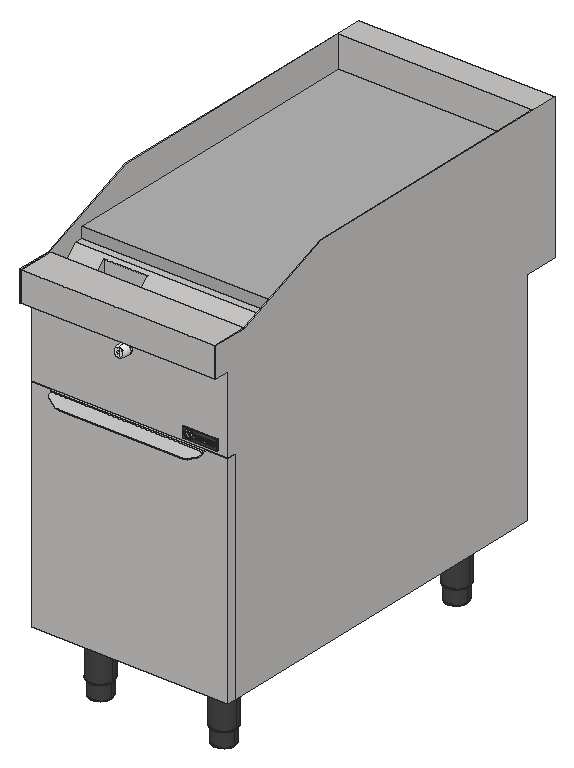
Revit family "QF_MACOM_CH91C-N_G", category Specialty Equipment, Revit 2020
Family settings
  Round Connector Dimension = Use Diameter
  Part Type = Normal
  OmniClass Number = 23.40.40.14.17.14
  OmniClass Title = Hot Plates
  Work Plane-Based = No
  Always vertical = Yes
  Cut with Voids When Loaded = No
  Shared = No
  Room Calculation Point = No
Parameters (values of type "CH91C-G")
  Watts = 100 W
  Volts = 220 V
  Show Logo [instance] = yes
  Plate Width = 445.000 mm
  Width = 450.000 mm
  Weight = 0.00 kg
  Volume = 0.43 m³
  URL = "https://www.acosmacom.com.br/"
  Phase = 1
  Model = "CH91C-G"
  Height = 985.000 mm
  Gas Size = 3/4"
  Gas Pressure = 0.0285 bar
  Gas Input GN = ""
  Gas Input GLP = 35710 Btu/h
  Gas Consumption GN = 0.0 m³/h
  Gas Consumption GLP = "0,75 Kg/h"
  Gas Connection Height = 212.000 mm
  Manufacturer = "MACOM"
  Default Elevation = 0.000 mm
  Electric Connection Height = 284.000 mm
  Description = "CHAPA A GAS GLP 900HP MACO-450X972X900"
  Plate Depth = 737.000 mm
  Depth = 972.000 mm
  Cycle = 60 Hz
  Capacity in Liters = 0.0 L
Types (3, lengths in mm): name | Plate Width | Model | Gas Pressure | Gas Input GN | Gas Input GLP | Gas Consumption GN | Gas Consumption GLP | Description
  (no name) | 445.000 | "CH91C-G" | 0.0285 bar | "" | 35710 Btu/h | 0.0 m³/h | "0,75 Kg/h" | "CHAPA A GAS GLP 900HP MACO-450X972X900"
  CH91C-N | 455.000 | "CH91C-N" | 0.022 bar | "9000 Kcal/h" | 0 Btu/h | 0.95 m³/h | "" | "CHAPA A GAS NATURAL 900HP MACO-450X972X900"
  CH91C-G | 445.000 | "CH91C-G" | 0.0285 bar | "" | 35710 Btu/h | 0.0 m³/h | "0,75 Kg/h" | "CHAPA A GAS GLP 900HP MACO-450X972X900"
Reference planes
  plane 1 "Centro (Frente/Trás)": y = 0
  plane 2: z = 0
  plane 3 "Centro (Esquerda/Direita)": x = 0
  plane 4: x = 450
  plane 5: y = -745
  plane 6: z = 832
  plane 7: z = 900
  plane 8: z = 0
  plane 9: z = 985
  plane 10: y = -572
  plane 11: x = 447.5
  plane 12: x = 2.5
  plane 13: y = -711
  plane 14: y = 227
  plane 15: y = 165
  plane 16: y = 147
  plane 17: y = 153.35
  plane 18: z = 655
Forms (mm)
  Extrusion 1, solid, material "QF_Stainless-Polished"
    sketch origin (0, 0, -7) x (0, 1, 0) y (0, 0, 1)
      loop
        line (147, 157) -> (147, 662) -> (227, 662) -> (227, 839) -> (-711, 839) -> (-711, 662) -> (-691, 662) -> (-691, 157) -> (147, 157)
    from 0 to 450
  Extrusion 2, solid, material "QF_Stainless-Polished"
    sketch origin (0, 0, -7) x (0, 1, 0) y (0, 0, 1)
      loop
        line (165, 839) -> (165, 992) -> (-442, 992) -> (-662.7, 907) -> (-745, 907) -> (-745, 839) -> (165, 839)
    from 0 to 2.5
  Extrusion 3, solid, material "QF_Stainless-Polished"
    sketch origin (357.5, 0, -7) x (0, 1, 0) y (0, 0, 1)
      loop
        line (165, 839) -> (165, 992) -> (-442, 992) -> (-662.7, 907) -> (-745, 907) -> (-745, 839) -> (165, 839)
    from 90 to 92.5
  Extrusion 4, solid, material "QF_Stainless-Polished"
    sketch origin (0, 0, -7) x (1, 0, 0) y (0, 0, 1)
      loop
        line (450, 839) -> (450, 992) -> (0, 992) -> (0, 839) -> (450, 839)
    from -227 to -165
  Extrusion 5, solid, material "QF_Metal_Steel", detail levels medium+fine
    sketch origin (0, 0, -7) x (1, 0, 0) y (0, 0, 1)
      loop
        line (2.5, 896) -> (447.5, 896) -> (447.5, 921) -> (2.5, 921) -> (2.5, 896)
    from -165 to 572
  Extrusion 6, solid, material "QF_Stainless-Polished"
    sketch origin (0, 0, -7) x (0, 1, 0) y (0, 0, 1)
      loop
        line (-745, 907) -> (-745, 839) -> (-661, 839) -> (-661, 907) -> (-745, 907)
    from 2.5 to 447.5
  Extrusion 7, solid, material "QF_Metal_Stainless Steel"
    sketch origin (0, 0, -7) x (0, 1, 0) y (0, 0, 1)
      loop
        line (-591, 896) -> (-649.8, 839) -> (-606.6, 839) -> (165, 839) -> (165, 896) -> (-591, 896)
    from 2.5 to 447.5
  Extrusion 8, solid, material "QF_Metal_Stainless Steel"
    sketch origin (0, 0, 0) x (1, 0, 0) y (0, 0, 1)
      loop
        circle (378, 212) r 9.525
    from -147 to -153.35
  Extrusion 9, solid, material "QF_Metal_Stainless Steel"
    sketch origin (0, 0, 0) x (1, 0, 0) y (0, 0, 1)
      loop
        circle (413.6, 284) r 9.525
    from -147 to -153.35
  Extrusion 10, void
    sketch origin (11.192, 0, 0) x (1, 0, 0) y (0, 1, 0)
      loop
        line (63.762, -597) -> (63.762, -643.5) -> (163.808, -643.5) -> (163.808, -597) -> (63.762, -597)
    from 895 to 832
Cuts and joins
  joined: Extrusion 1, Extrusion 2, Extrusion 3, Extrusion 4
  Extrusion 10 cuts Extrusion 7
Lines and regions (mm)
  symbolic lines
    curve 1: line (86.37, 0, 0) -> (450, 0, 0)
    curve 2: line (450, 0, 0) -> (450, -745, 0)
    curve 3: line (450, -745, 0) -> (86.37, -745, 0)
    curve 4: line (2.5, -62, 0) -> (447.5, -62, 0)
    curve 5: line (447.5, -62, 0) -> (447.5, -662.7, 0)
    curve 6: line (447.5, -662.7, 0) -> (450, -662.7, 0)
    curve 7: line (86.37, -662.7, 0) -> (2.5, -662.7, 0)
    curve 8: line (2.5, -662.7, 0) -> (2.5, -62, 0)
    curve 9: line (447.5, -591.194, 0) -> (2.5, -591.194, 0)
    curve 10: line (2.5, -599.8, 0) -> (447.5, -599.8, 0)
    curve 11: line (447.5, -649.8, 0) -> (2.5, -649.8, 0)
    curve 12: line (2.5, -661, 0) -> (447.5, -661, 0)
    curve 13: line (132.87, -643.5, 0) -> (86.37, -643.5, 0)
    curve 14: line (132.87, -597, 0) -> (132.87, -643.5, 0)
    curve 15: line (86.37, -597, 0) -> (132.87, -597, 0)
    curve 16: line (86.37, -643.5, 0) -> (86.37, -597, 0)
  model lines
    curve 17: line (26.904, 219.75, 985) -> (13.017, 179.419, 985)
    curve 18: line (35.844, 216.672, 985) -> (21.957, 176.341, 985)
    curve 19: arc (13.017, 179.419, 985) -> (15.948, 173.41, 985) -> (21.957, 176.341, 985) r 4.728
    curve 20: arc (26.904, 219.75, 985) -> (32.913, 222.681, 985) -> (35.844, 216.672, 985) r 4.728
    curve 21: line (41.904, 219.75, 985) -> (28.017, 179.419, 985)
    curve 22: line (50.844, 216.672, 985) -> (36.957, 176.341, 985)
    curve 23: arc (28.017, 179.419, 985) -> (30.948, 173.41, 985) -> (36.957, 176.341, 985) r 4.728
    curve 24: arc (41.904, 219.75, 985) -> (47.913, 222.681, 985) -> (50.844, 216.672, 985) r 4.728
    curve 25: line (56.904, 219.75, 985) -> (43.017, 179.419, 985)
    curve 26: line (65.844, 216.672, 985) -> (51.957, 176.341, 985)
    curve 27: arc (43.017, 179.419, 985) -> (45.948, 173.41, 985) -> (51.957, 176.341, 985) r 4.728
    curve 28: arc (56.904, 219.75, 985) -> (62.913, 222.681, 985) -> (65.844, 216.672, 985) r 4.728
    curve 29: line (71.904, 219.75, 985) -> (58.017, 179.419, 985)
    curve 30: line (80.844, 216.672, 985) -> (66.957, 176.341, 985)
    curve 31: arc (58.017, 179.419, 985) -> (60.948, 173.41, 985) -> (66.957, 176.341, 985) r 4.728
    curve 32: arc (71.904, 219.75, 985) -> (77.913, 222.681, 985) -> (80.844, 216.672, 985) r 4.728
    curve 33: line (86.904, 219.75, 985) -> (73.017, 179.419, 985)
    curve 34: line (95.844, 216.672, 985) -> (81.957, 176.341, 985)
    curve 35: arc (73.017, 179.419, 985) -> (75.948, 173.41, 985) -> (81.957, 176.341, 985) r 4.728
    curve 36: arc (86.904, 219.75, 985) -> (92.913, 222.681, 985) -> (95.844, 216.672, 985) r 4.728
    curve 37: line (101.904, 219.75, 985) -> (88.017, 179.419, 985)
    curve 38: line (110.844, 216.672, 985) -> (96.957, 176.341, 985)
    curve 39: arc (88.017, 179.419, 985) -> (90.948, 173.41, 985) -> (96.957, 176.341, 985) r 4.728
    curve 40: arc (101.904, 219.75, 985) -> (107.913, 222.681, 985) -> (110.844, 216.672, 985) r 4.728
    curve 41: line (116.904, 219.75, 985) -> (103.017, 179.419, 985)
    curve 42: line (125.844, 216.672, 985) -> (111.957, 176.341, 985)
    curve 43: arc (103.017, 179.419, 985) -> (105.948, 173.41, 985) -> (111.957, 176.341, 985) r 4.728
    curve 44: arc (116.904, 219.75, 985) -> (122.913, 222.681, 985) -> (125.844, 216.672, 985) r 4.728
    curve 45: line (131.904, 219.75, 985) -> (118.017, 179.419, 985)
    curve 46: line (140.844, 216.672, 985) -> (126.957, 176.341, 985)
    curve 47: arc (118.017, 179.419, 985) -> (120.948, 173.41, 985) -> (126.957, 176.341, 985) r 4.728
    curve 48: arc (131.904, 219.75, 985) -> (137.913, 222.681, 985) -> (140.844, 216.672, 985) r 4.728
    curve 49: line (146.904, 219.75, 985) -> (133.017, 179.419, 985)
    curve 50: line (155.844, 216.672, 985) -> (141.957, 176.341, 985)
    curve 51: arc (133.017, 179.419, 985) -> (135.948, 173.41, 985) -> (141.957, 176.341, 985) r 4.728
    curve 52: arc (146.904, 219.75, 985) -> (152.913, 222.681, 985) -> (155.844, 216.672, 985) r 4.728
    curve 53: line (161.904, 219.75, 985) -> (148.017, 179.419, 985)
    curve 54: line (170.844, 216.672, 985) -> (156.957, 176.341, 985)
    curve 55: arc (148.017, 179.419, 985) -> (150.948, 173.41, 985) -> (156.957, 176.341, 985) r 4.728
    curve 56: arc (161.904, 219.75, 985) -> (167.913, 222.681, 985) -> (170.844, 216.672, 985) r 4.728
    curve 57: line (176.904, 219.75, 985) -> (163.017, 179.419, 985)
    curve 58: line (185.844, 216.672, 985) -> (171.957, 176.341, 985)
    curve 59: arc (163.017, 179.419, 985) -> (165.948, 173.41, 985) -> (171.957, 176.341, 985) r 4.728
    curve 60: arc (176.904, 219.75, 985) -> (182.913, 222.681, 985) -> (185.844, 216.672, 985) r 4.728
    curve 61: line (191.904, 219.75, 985) -> (178.017, 179.419, 985)
    curve 62: line (200.844, 216.672, 985) -> (186.957, 176.341, 985)
    curve 63: arc (178.017, 179.419, 985) -> (180.948, 173.41, 985) -> (186.957, 176.341, 985) r 4.728
    curve 64: arc (191.904, 219.75, 985) -> (197.913, 222.681, 985) -> (200.844, 216.672, 985) r 4.728
    curve 65: line (206.904, 219.75, 985) -> (193.017, 179.419, 985)
    curve 66: line (215.844, 216.672, 985) -> (201.957, 176.341, 985)
    curve 67: arc (193.017, 179.419, 985) -> (195.948, 173.41, 985) -> (201.957, 176.341, 985) r 4.728
    curve 68: arc (206.904, 219.75, 985) -> (212.913, 222.681, 985) -> (215.844, 216.672, 985) r 4.728
    curve 69: line (221.904, 219.75, 985) -> (208.017, 179.419, 985)
    curve 70: line (230.844, 216.672, 985) -> (216.957, 176.341, 985)
    curve 71: arc (208.017, 179.419, 985) -> (210.948, 173.41, 985) -> (216.957, 176.341, 985) r 4.728
    curve 72: arc (221.904, 219.75, 985) -> (227.913, 222.681, 985) -> (230.844, 216.672, 985) r 4.728
    curve 73: line (236.904, 219.75, 985) -> (223.017, 179.419, 985)
    curve 74: line (245.844, 216.672, 985) -> (231.957, 176.341, 985)
    curve 75: arc (223.017, 179.419, 985) -> (225.948, 173.41, 985) -> (231.957, 176.341, 985) r 4.728
    curve 76: arc (236.904, 219.75, 985) -> (242.913, 222.681, 985) -> (245.844, 216.672, 985) r 4.728
    curve 77: line (251.904, 219.75, 985) -> (238.017, 179.419, 985)
    curve 78: line (260.844, 216.672, 985) -> (246.957, 176.341, 985)
    curve 79: arc (238.017, 179.419, 985) -> (240.948, 173.41, 985) -> (246.957, 176.341, 985) r 4.728
    curve 80: arc (251.904, 219.75, 985) -> (257.913, 222.681, 985) -> (260.844, 216.672, 985) r 4.728
    curve 81: line (266.904, 219.75, 985) -> (253.017, 179.419, 985)
    curve 82: line (275.844, 216.672, 985) -> (261.957, 176.341, 985)
    curve 83: arc (253.017, 179.419, 985) -> (255.948, 173.41, 985) -> (261.957, 176.341, 985) r 4.728
    curve 84: arc (266.904, 219.75, 985) -> (272.913, 222.681, 985) -> (275.844, 216.672, 985) r 4.728
    curve 85: line (281.904, 219.75, 985) -> (268.017, 179.419, 985)
    curve 86: line (290.844, 216.672, 985) -> (276.957, 176.341, 985)
    curve 87: arc (268.017, 179.419, 985) -> (270.948, 173.41, 985) -> (276.957, 176.341, 985) r 4.728
    curve 88: arc (281.904, 219.75, 985) -> (287.913, 222.681, 985) -> (290.844, 216.672, 985) r 4.728
    curve 89: line (296.904, 219.75, 985) -> (283.017, 179.419, 985)
    curve 90: line (305.844, 216.672, 985) -> (291.957, 176.341, 985)
    curve 91: arc (283.017, 179.419, 985) -> (285.948, 173.41, 985) -> (291.957, 176.341, 985) r 4.728
    curve 92: arc (296.904, 219.75, 985) -> (302.913, 222.681, 985) -> (305.844, 216.672, 985) r 4.728
    curve 93: line (311.904, 219.75, 985) -> (298.017, 179.419, 985)
    curve 94: line (320.844, 216.672, 985) -> (306.957, 176.341, 985)
    curve 95: arc (298.017, 179.419, 985) -> (300.948, 173.41, 985) -> (306.957, 176.341, 985) r 4.728
    curve 96: arc (311.904, 219.75, 985) -> (317.913, 222.681, 985) -> (320.844, 216.672, 985) r 4.728
    curve 97: line (326.904, 219.75, 985) -> (313.017, 179.419, 985)
    curve 98: line (335.844, 216.672, 985) -> (321.957, 176.341, 985)
    curve 99: arc (313.017, 179.419, 985) -> (315.948, 173.41, 985) -> (321.957, 176.341, 985) r 4.728
    curve 100: arc (326.904, 219.75, 985) -> (332.913, 222.681, 985) -> (335.844, 216.672, 985) r 4.728
    curve 101: line (341.904, 219.75, 985) -> (328.017, 179.419, 985)
    curve 102: line (350.844, 216.672, 985) -> (336.957, 176.341, 985)
    curve 103: arc (328.017, 179.419, 985) -> (330.948, 173.41, 985) -> (336.957, 176.341, 985) r 4.728
    curve 104: arc (341.904, 219.75, 985) -> (347.913, 222.681, 985) -> (350.844, 216.672, 985) r 4.728
    curve 105: line (356.904, 219.75, 985) -> (343.017, 179.419, 985)
    curve 106: line (365.844, 216.672, 985) -> (351.957, 176.341, 985)
    curve 107: arc (343.017, 179.419, 985) -> (345.948, 173.41, 985) -> (351.957, 176.341, 985) r 4.728
    curve 108: arc (356.904, 219.75, 985) -> (362.913, 222.681, 985) -> (365.844, 216.672, 985) r 4.728
    curve 109: line (371.904, 219.75, 985) -> (358.017, 179.419, 985)
    curve 110: line (380.844, 216.672, 985) -> (366.957, 176.341, 985)
    curve 111: arc (358.017, 179.419, 985) -> (360.948, 173.41, 985) -> (366.957, 176.341, 985) r 4.728
    curve 112: arc (371.904, 219.75, 985) -> (377.913, 222.681, 985) -> (380.844, 216.672, 985) r 4.728
    curve 113: line (386.904, 219.75, 985) -> (373.017, 179.419, 985)
    curve 114: line (395.844, 216.672, 985) -> (381.957, 176.341, 985)
    curve 115: arc (373.017, 179.419, 985) -> (375.948, 173.41, 985) -> (381.957, 176.341, 985) r 4.728
    curve 116: arc (386.904, 219.75, 985) -> (392.913, 222.681, 985) -> (395.844, 216.672, 985) r 4.728
    curve 117: line (401.904, 219.75, 985) -> (388.017, 179.419, 985)
    curve 118: line (410.844, 216.672, 985) -> (396.957, 176.341, 985)
    curve 119: arc (388.017, 179.419, 985) -> (390.948, 173.41, 985) -> (396.957, 176.341, 985) r 4.728
    curve 120: arc (401.904, 219.75, 985) -> (407.913, 222.681, 985) -> (410.844, 216.672, 985) r 4.728
    curve 121: line (416.904, 219.75, 985) -> (403.017, 179.419, 985)
    curve 122: line (425.844, 216.672, 985) -> (411.957, 176.341, 985)
    curve 123: arc (403.017, 179.419, 985) -> (405.948, 173.41, 985) -> (411.957, 176.341, 985) r 4.728
    curve 124: arc (416.904, 219.75, 985) -> (422.913, 222.681, 985) -> (425.844, 216.672, 985) r 4.728
    curve 125: line (431.904, 219.75, 985) -> (418.017, 179.419, 985)
    curve 126: line (440.844, 216.672, 985) -> (426.957, 176.341, 985)
    curve 127: arc (418.017, 179.419, 985) -> (420.948, 173.41, 985) -> (426.957, 176.341, 985) r 4.728
    curve 128: arc (431.904, 219.75, 985) -> (437.913, 222.681, 985) -> (440.844, 216.672, 985) r 4.728
Dimensions and locks
  "Depth": plane 5 to plane 14
  locked: plane 15 to plane 14 at 62
  "Height": level to plane 9
  "Width": plane 3 "Centro (Esquerda/Direita)" to plane 4
  plane 5 to nested 5 = 100.000 mm
  plane 14 to plane 5 = 972.000 mm
  locked: Extrusion 5 to cut or joined group of Extrusion 1, Extrusion 2, Extrusion 3, Extrusion 4 at 737
  locked: Extrusion 5 to Extrusion 7 at 25
  cut or joined group of Extrusion 1, Extrusion 2, Extrusion 3, Extrusion 4 to cut or joined group of Extrusion 1, Extrusion 2, Extrusion 3, Extrusion 4 = 445.000 mm
  locked: plane 11 to plane 4 at 2.5
  equal spacing: group 1, group 2, group 3, group 4, group 5, group 6, group 7, group 8, group 9, group 10, group 11, group 12, group 13, group 14, group 15, group 16, group 17, group 18, group 19, group 20, group 21, group 22, group 23, group 24, group 25, group 26, group 27, group 28  (x3)
  locked: plane 4 to Extrusion 9 sketch curve at 36.4
  "Electric Connection Height": level to Extrusion 9 sketch curve
  locked: plane 4 to Extrusion 8 sketch curve at 72
  "Gas Connection Height": level to Extrusion 8 sketch curve
  level to plane 18 to plane 7 = 655.000 mm, 245.000 mm
  aligned and locked: level to plane 2
  aligned and locked: Extrusion 2 to Extrusion 6
  aligned and locked: Extrusion 2 to Extrusion 3
  aligned and locked: Extrusion 1 to Extrusion 2
  aligned and locked: Extrusion 3 to Extrusion 2
  aligned and locked: Extrusion 4 to plane 15
  aligned and locked: plane 15 to Extrusion 3
  aligned and locked: plane 15 to Extrusion 2
  aligned and locked: plane 15 to Extrusion 5
  aligned and locked: Extrusion 6 to plane 11
  aligned and locked: Extrusion 5 to plane 12
  aligned and locked: Extrusion 7 to plane 11
  aligned and locked: Extrusion 7 to Extrusion 2
  aligned and locked: Extrusion 4 to plane 3 "Centro (Esquerda/Direita)"
  aligned and locked: Extrusion 1 to Extrusion 4  (x2)
  aligned and locked: Extrusion 1 to plane 16
  aligned and locked: nested 3 to Extrusion 1  (x2)
  aligned and locked: Extrusion 1 to nested 1
  aligned and locked: Extrusion 1 to Extrusion 3
  aligned and locked: plane 14 to Extrusion 1
  aligned and locked: Extrusion 4 to Extrusion 3
  aligned and locked: Extrusion 7 to Extrusion 5
  aligned and locked: plane 17 to Extrusion 8
  aligned and locked: plane 16 to Extrusion 8
  aligned and locked: plane 17 to Extrusion 9
  aligned and locked: Extrusion 9 to cut or joined group of Extrusion 1, Extrusion 2, Extrusion 3, Extrusion 4
  aligned and locked: plane 4 to cut or joined group of Extrusion 1, Extrusion 2, Extrusion 3, Extrusion 4  (x2)
  aligned and locked: cut or joined group of Extrusion 1, Extrusion 2, Extrusion 3, Extrusion 4 to plane 11
Automatic sketch dimensions
  plane 6 to Extrusion 1 sketch curve = 0.000 mm
  Extrusion 1 sketch curve to plane 13 = 0.000 mm
  Extrusion 1 sketch curve to plane 16 = 0.000 mm
  Extrusion 1 sketch curve to plane 14 = 0.000 mm
  plane 13 to Extrusion 1 sketch curve = 20.000 mm
  plane 6 to Extrusion 1 sketch curve = 177.000 mm  (x2)
  level to Extrusion 1 sketch curve = 150.000 mm
  Extrusion 2 sketch curve to plane 5 = 0.000 mm
  plane 7 to Extrusion 2 sketch curve = 0.000 mm  (x2)
  plane 9 to Extrusion 2 sketch curve = 0.000 mm
  plane 6 to Extrusion 2 sketch curve = 0.000 mm
  Extrusion 2 sketch curve to plane 15 = 0.000 mm
  plane 13 to Extrusion 2 sketch curve = 48.300 mm
  plane 10 to Extrusion 2 sketch curve = 130.000 mm
  Extrusion 3 sketch curve to plane 5 = 0.000 mm
  plane 7 to Extrusion 3 sketch curve = 0.000 mm  (x2)
  plane 9 to Extrusion 3 sketch curve = 0.000 mm
  plane 6 to Extrusion 3 sketch curve = 0.000 mm
  Extrusion 3 sketch curve to plane 15 = 0.000 mm
  plane 13 to Extrusion 3 sketch curve = 48.300 mm
  plane 10 to Extrusion 3 sketch curve = 130.000 mm
  Extrusion 4 sketch curve to plane 3 "Centro (Esquerda/Direita)" = 0.000 mm
  Extrusion 4 sketch curve to plane 4 = 0.000 mm
  Extrusion 4 sketch curve to plane 6 = 0.000 mm
  Extrusion 4 sketch curve to plane 9 = 0.000 mm
  Extrusion 5 sketch curve to plane 12 = 0.000 mm
  plane 11 to Extrusion 5 sketch curve = 0.000 mm
  plane 7 to Extrusion 5 sketch curve = 11.000 mm
  Extrusion 5 sketch curve to plane 7 = 14.000 mm
  Extrusion 6 sketch curve to plane 5 = 0.000 mm
  plane 6 to Extrusion 6 sketch curve = 0.000 mm
  plane 7 to Extrusion 6 sketch curve = 0.000 mm
  plane 13 to Extrusion 6 sketch curve = 50.000 mm
  plane 6 to Extrusion 7 sketch curve = 0.000 mm
  Extrusion 7 sketch curve to plane 15 = 0.000 mm
  Extrusion 7 sketch curve to plane 10 = 19.000 mm
  Extrusion 7 sketch curve to plane 10 = 34.600 mm
  Extrusion 7 sketch curve to Extrusion 7 sketch curve = 43.200 mm
  plane 7 to Extrusion 7 sketch curve = 11.000 mm
  plane 12 to Extrusion 10 sketch curve = 72.454 mm
  Extrusion 10 sketch curve to Extrusion 10 sketch curve = 100.046 mm
  plane 13 to Extrusion 10 sketch curve = 67.500 mm
  Extrusion 10 sketch curve to plane 10 = 25.000 mm
  curve 11 to plane 12 = 0.000 mm
  plane 5 to curve 3 = 0.000 mm
  plane 1 "Centro (Frente/Trás)" to curve 1 = 0.000 mm
  curve 12 to plane 11 = 0.000 mm
  curve 2 to plane 4 = 0.000 mm
  plane 12 to curve 16 = 83.870 mm
  curve 15 to curve 14 = 46.500 mm
  plane 13 to curve 8 = 48.300 mm
  plane 13 to curve 5 = 48.300 mm
  curve 7 to curve 16 = 19.200 mm
  curve 15 to plane 10 = 25.000 mm
  plane 1 "Centro (Frente/Trás)" to curve 8 = 62.000 mm
  plane 12 to curve 3 = 83.870 mm
  curve 7 to curve 13 = 0.000 mm
  plane 12 to curve 1 = 83.870 mm
  curve 5 to curve 12 = 1.700 mm
  curve 12 to curve 11 = 11.200 mm
  curve 10 to plane 10 = 27.800 mm
  curve 10 to curve 9 = 8.606 mm
  curve 19 to curve 19 = 4.470 mm
  curve 19 to curve 18 = 4.470 mm
  curve 19 to curve 17 = 13.887 mm
  curve 20 to curve 20 = 4.470 mm
  curve 20 to curve 18 = 4.470 mm
  curve 18 to curve 19 = 1.539 mm
  curve 19 to curve 18 = 40.331 mm
  curve 18 to curve 20 = 1.539 mm
  curve 23 to curve 23 = 4.470 mm
  curve 23 to curve 22 = 4.470 mm
  curve 23 to curve 21 = 13.887 mm
  curve 24 to curve 24 = 4.470 mm
  curve 24 to curve 22 = 4.470 mm
  curve 22 to curve 23 = 1.539 mm
  curve 23 to curve 22 = 40.331 mm
  curve 22 to curve 24 = 1.539 mm
  curve 27 to curve 27 = 4.470 mm
  curve 27 to curve 26 = 4.470 mm
  curve 27 to curve 25 = 13.887 mm
  curve 28 to curve 28 = 4.470 mm
  curve 28 to curve 26 = 4.470 mm
  curve 26 to curve 27 = 1.539 mm
  curve 27 to curve 26 = 40.331 mm
  curve 26 to curve 28 = 1.539 mm
  curve 31 to curve 31 = 4.470 mm
  curve 31 to curve 30 = 4.470 mm
  curve 31 to curve 29 = 13.887 mm
  curve 32 to curve 32 = 4.470 mm
  curve 32 to curve 30 = 4.470 mm
  curve 30 to curve 31 = 1.539 mm
  curve 31 to curve 30 = 40.331 mm
  curve 30 to curve 32 = 1.539 mm
  curve 35 to curve 35 = 4.470 mm
  curve 35 to curve 34 = 4.470 mm
  curve 35 to curve 33 = 13.887 mm
  curve 36 to curve 36 = 4.470 mm
  curve 36 to curve 34 = 4.470 mm
  curve 34 to curve 35 = 1.539 mm
  curve 35 to curve 34 = 40.331 mm
  curve 34 to curve 36 = 1.539 mm
  curve 39 to curve 39 = 4.470 mm
  curve 39 to curve 38 = 4.470 mm
  curve 39 to curve 37 = 13.887 mm
  curve 40 to curve 40 = 4.470 mm
  curve 40 to curve 38 = 4.470 mm
  curve 38 to curve 39 = 1.539 mm
  curve 39 to curve 38 = 40.331 mm
  curve 38 to curve 40 = 1.539 mm
  curve 43 to curve 43 = 4.470 mm
  curve 43 to curve 42 = 4.470 mm
  curve 43 to curve 41 = 13.887 mm
  curve 44 to curve 44 = 4.470 mm
  curve 44 to curve 42 = 4.470 mm
  curve 42 to curve 43 = 1.539 mm
  curve 43 to curve 42 = 40.331 mm
  curve 42 to curve 44 = 1.539 mm
  curve 47 to curve 47 = 4.470 mm
  curve 47 to curve 46 = 4.470 mm
  curve 47 to curve 45 = 13.887 mm
  curve 48 to curve 48 = 4.470 mm
  curve 48 to curve 46 = 4.470 mm
  curve 46 to curve 47 = 1.539 mm
  curve 47 to curve 46 = 40.331 mm
  curve 46 to curve 48 = 1.539 mm
  curve 51 to curve 51 = 4.470 mm
  curve 51 to curve 50 = 4.470 mm
  curve 51 to curve 49 = 13.887 mm
  curve 52 to curve 52 = 4.470 mm
  curve 52 to curve 50 = 4.470 mm
  curve 50 to curve 51 = 1.539 mm
  curve 51 to curve 50 = 40.331 mm
  curve 50 to curve 52 = 1.539 mm
  curve 55 to curve 55 = 4.470 mm
  curve 55 to curve 54 = 4.470 mm
  curve 55 to curve 53 = 13.887 mm
  curve 56 to curve 56 = 4.470 mm
  curve 56 to curve 54 = 4.470 mm
  curve 54 to curve 55 = 1.539 mm
  curve 55 to curve 54 = 40.331 mm
  curve 54 to curve 56 = 1.539 mm
  curve 59 to curve 59 = 4.470 mm
  curve 59 to curve 58 = 4.470 mm
  curve 59 to curve 57 = 13.887 mm
  curve 60 to curve 60 = 4.470 mm
  curve 60 to curve 58 = 4.470 mm
  curve 58 to curve 59 = 1.539 mm
  curve 59 to curve 58 = 40.331 mm
  curve 58 to curve 60 = 1.539 mm
  curve 63 to curve 63 = 4.470 mm
  curve 63 to curve 62 = 4.470 mm
  curve 63 to curve 61 = 13.887 mm
  curve 64 to curve 64 = 4.470 mm
  curve 64 to curve 62 = 4.470 mm
  curve 62 to curve 63 = 1.539 mm
  curve 63 to curve 62 = 40.331 mm
  curve 62 to curve 64 = 1.539 mm
  curve 67 to curve 67 = 4.470 mm
  curve 67 to curve 66 = 4.470 mm
  curve 67 to curve 65 = 13.887 mm
  curve 68 to curve 68 = 4.470 mm
  curve 68 to curve 66 = 4.470 mm
  curve 66 to curve 67 = 1.539 mm
  curve 67 to curve 66 = 40.331 mm
  curve 66 to curve 68 = 1.539 mm
  curve 71 to curve 71 = 4.470 mm
  curve 71 to curve 70 = 4.470 mm
  curve 71 to curve 69 = 13.887 mm
  curve 72 to curve 72 = 4.470 mm
  curve 72 to curve 70 = 4.470 mm
  curve 70 to curve 71 = 1.539 mm
  curve 71 to curve 70 = 40.331 mm
  curve 70 to curve 72 = 1.539 mm
  curve 75 to curve 75 = 4.470 mm
  curve 75 to curve 74 = 4.470 mm
  curve 75 to curve 73 = 13.887 mm
  curve 76 to curve 76 = 4.470 mm
  curve 76 to curve 74 = 4.470 mm
  curve 74 to curve 75 = 1.539 mm
  curve 75 to curve 74 = 40.331 mm
  curve 74 to curve 76 = 1.539 mm
  curve 79 to curve 79 = 4.470 mm
  curve 79 to curve 78 = 4.470 mm
  curve 79 to curve 77 = 13.887 mm
  curve 80 to curve 80 = 4.470 mm
  curve 80 to curve 78 = 4.470 mm
  curve 78 to curve 79 = 1.539 mm
  curve 79 to curve 78 = 40.331 mm
  curve 78 to curve 80 = 1.539 mm
  curve 83 to curve 83 = 4.470 mm
  curve 83 to curve 82 = 4.470 mm
  curve 83 to curve 81 = 13.887 mm
  curve 84 to curve 84 = 4.470 mm
  curve 84 to curve 82 = 4.470 mm
  curve 82 to curve 83 = 1.539 mm
  curve 83 to curve 82 = 40.331 mm
  curve 82 to curve 84 = 1.539 mm
  curve 87 to curve 87 = 4.470 mm
  curve 87 to curve 86 = 4.470 mm
  curve 87 to curve 85 = 13.887 mm
  curve 88 to curve 88 = 4.470 mm
  curve 88 to curve 86 = 4.470 mm
  curve 86 to curve 87 = 1.539 mm
  curve 87 to curve 86 = 40.331 mm
  curve 86 to curve 88 = 1.539 mm
  curve 91 to curve 91 = 4.470 mm
  curve 91 to curve 90 = 4.470 mm
  curve 91 to curve 89 = 13.887 mm
  curve 92 to curve 92 = 4.470 mm
  curve 92 to curve 90 = 4.470 mm
  curve 90 to curve 91 = 1.539 mm
  curve 91 to curve 90 = 40.331 mm
  curve 90 to curve 92 = 1.539 mm
  curve 95 to curve 95 = 4.470 mm
  curve 95 to curve 94 = 4.470 mm
  curve 95 to curve 93 = 13.887 mm
  curve 96 to curve 96 = 4.470 mm
  curve 96 to curve 94 = 4.470 mm
  curve 94 to curve 95 = 1.539 mm
  curve 95 to curve 94 = 40.331 mm
  curve 94 to curve 96 = 1.539 mm
  curve 99 to curve 99 = 4.470 mm
  curve 99 to curve 98 = 4.470 mm
  curve 99 to curve 97 = 13.887 mm
  curve 100 to curve 100 = 4.470 mm
  curve 100 to curve 98 = 4.470 mm
  curve 98 to curve 99 = 1.539 mm
  curve 99 to curve 98 = 40.331 mm
  curve 98 to curve 100 = 1.539 mm
  curve 103 to curve 103 = 4.470 mm
  curve 103 to curve 102 = 4.470 mm
  curve 103 to curve 101 = 13.887 mm
  curve 104 to curve 104 = 4.470 mm
  curve 104 to curve 102 = 4.470 mm
  curve 102 to curve 103 = 1.539 mm
  curve 103 to curve 102 = 40.331 mm
  curve 102 to curve 104 = 1.539 mm
  curve 107 to curve 107 = 4.470 mm
  curve 107 to curve 106 = 4.470 mm
  curve 107 to curve 105 = 13.887 mm
  curve 108 to curve 108 = 4.470 mm
  curve 108 to curve 106 = 4.470 mm
  curve 106 to curve 107 = 1.539 mm
  curve 107 to curve 106 = 40.331 mm
  curve 106 to curve 108 = 1.539 mm
  curve 111 to curve 111 = 4.470 mm
  curve 111 to curve 110 = 4.470 mm
  curve 111 to curve 109 = 13.887 mm
  curve 112 to curve 112 = 4.470 mm
  curve 112 to curve 110 = 4.470 mm
  curve 110 to curve 111 = 1.539 mm
  curve 111 to curve 110 = 40.331 mm
  curve 110 to curve 112 = 1.539 mm
  curve 115 to curve 115 = 4.470 mm
  curve 115 to curve 114 = 4.470 mm
  curve 115 to curve 113 = 13.887 mm
  curve 116 to curve 116 = 4.470 mm
  curve 116 to curve 114 = 4.470 mm
  curve 114 to curve 115 = 1.539 mm
  curve 115 to curve 114 = 40.331 mm
  curve 114 to curve 116 = 1.539 mm
  curve 119 to curve 119 = 4.470 mm
  curve 119 to curve 118 = 4.470 mm
  curve 119 to curve 117 = 13.887 mm
  curve 120 to curve 120 = 4.470 mm
  curve 120 to curve 118 = 4.470 mm
  curve 118 to curve 119 = 1.539 mm
  curve 119 to curve 118 = 40.331 mm
  curve 118 to curve 120 = 1.539 mm
  curve 123 to curve 123 = 4.470 mm
  curve 123 to curve 122 = 4.470 mm
  curve 123 to curve 121 = 13.887 mm
  curve 124 to curve 124 = 4.470 mm
  curve 124 to curve 122 = 4.470 mm
  curve 122 to curve 123 = 1.539 mm
  curve 123 to curve 122 = 40.331 mm
  curve 122 to curve 124 = 1.539 mm
  curve 127 to curve 127 = 4.470 mm
  curve 127 to curve 126 = 4.470 mm
  curve 127 to curve 125 = 13.887 mm
  curve 128 to curve 128 = 4.470 mm
  curve 128 to curve 126 = 4.470 mm
  curve 126 to curve 127 = 1.539 mm
  curve 127 to curve 126 = 40.331 mm
  curve 126 to curve 128 = 1.539 mm
  radius of Extrusion 8 sketch curve = 9.525 mm
  radius of Extrusion 9 sketch curve = 9.525 mm
Nested families
  nested 1: "SUPORTEACENDIMENTOGLP" at (217.5, -711, 800), type "SUPORTEACENDIMENTOGLP", detail levels medium+fine
  nested 2: "LOGOTIPO MACOM" at (387.5, -711, 660.939), visible <- "Show Logo", type "LOGOTIPO MACOM"
  nested 3: "PORTA 450" at (0, -691, 150), type "PORTA 450"
    with Weight 0.00 kg, Show Logo yes, Show Clearances yes, Right no, R_Swing no, Masterspec "", Length Actual 450.000 mm, Left yes, L_Swing yes, Identify Quantity as Lot yes, Height Actual 503.000 mm, Foodservice Equipment Identifier yes, Depth Actual 20.000 mm, CSI MasterFormat "", Accessory yes
  nested 4: "PÉ DE APOIO 150" at (85, -620, 0), type "pÉ DE APOIO 150"
  nested 5: "PÉ DE APOIO 150" at (365, -616, 0), type "pÉ DE APOIO 150"
  nested 6: "PÉ DE APOIO 150" at (365, 52, 0), type "pÉ DE APOIO 150"
  nested 7: "PÉ DE APOIO 150" at (85, 52, 0), type "pÉ DE APOIO 150"
Connectors
  electrical at (413.6, 147, 284), driven by "Volts"
    settings: on Extrusion 9, index 1, voltage 220 V, apparent load 0 VA, apparent load phase1 0 VA, apparent load phase2 0 VA, apparent load phase3 0 VA, power factor 1, load classification "Outro", number of poles 1, system type 31, power factor state 1, is connector primary yes, connector utility no, sub classification motor no, connector description ""
  piping at (378, 153.35, 212), diameter 19.05, driven by "Gas Size", driven by "Gas Consumption GN"
    settings: on Extrusion 8, index 2, connector inside diameter 24", connector length 0.000 mm, flow factor 0, pipe flow 0.0 m³/h, pressure drop 0.0 bar, fitting loss kfactor 0, connector angle 0.00°, fixture units 0, engagement length 0.000 mm, angle of deflection 0.00°, flow configuration 0, flow direction 1, fitting loss method 0, system type 22, joint type 0, gender type 0, connector reference index -1, connector utility 0, adjustable connector no, is connector primary yes, connector description ""
Definition of nested family "SUPORTEACENDIMENTOGLP"
  Parameters (values of type "SUPORTEACENDIMENTOGLP")
    Default Elevation = 0.000 mm
  Reference planes
    plane 1 "Center (Front/Back)": y = 0
    plane 2: z = 0
    plane 3 "Center (Left/Right)": x = 0
  Forms (mm)
    Revolve 1, solid
      sketch origin (0, 0, 0) x (0, 1, 0) y (0, 0, 1)
        loop
          line (0, 0) -> (0, 13) -> (-5, 13)
          arc (-5, 13) -> (-13.631, 12.244) -> (-22, 10) r 49.667
          line (-22, 10) -> (-22, 0) -> (0, 0)
        axis (-22, 0) -> (0, 0)
      angle from 0 to 360
    Extrusion 2, void
      sketch origin (0, 0, 0) x (1, 0, 0) y (0, 0, 1)
        loop
          circle (0, 0) r 3.5
      from 0 to 22
  Cuts and joins
    Extrusion 2 cuts Revolve 1
  Dimensions and locks
    aligned and locked: level to plane 2
Definition of nested family "LOGOTIPO MACOM"
  Parameters (values of type "LOGOTIPO MACOM")
    Default Elevation = 0.000 mm
  Reference planes
    plane 1 "Centro (Frente/Trás)": y = 0
    plane 2: z = 0
    plane 3 "Centro (Esquerda/Direita)": x = 0
    plane 4: z = 9.186
    plane 5: z = 16.297
    plane 6: z = 12.742
    plane 7: x = -24.005
  Forms (mm)
    Extrusion 1, solid
      sketch origin (0, 4.488, 0.011) x (1, 0, 0) y (0, 0.000061, 1)
        loop
          arc (-37.5, 25.9) -> (-39.268, 25.168) -> (-40, 23.4) r 2.5
          line (-40, 23.4) -> (-40, 2.5)
          arc (-40, 2.5) -> (-39.268, 0.732) -> (-37.5, 0) r 2.5
          line (-37.5, 0) -> (37.5, 0)
          arc (37.5, 0) -> (39.268, 0.732) -> (40, 2.5) r 2.5
          line (40, 2.5) -> (40, 23.4)
          arc (40, 23.4) -> (39.268, 25.168) -> (37.5, 25.9) r 2.5
          line (37.5, 25.9) -> (-37.5, 25.9)
      from 5.474 to 4.489
    Extrusion 2, solid
      sketch origin (0, 4.488, 0.011) x (1, 0, 0) y (0, 0.000061, 1)
        loop
          arc (-39, 3.5) -> (-38.268, 1.732) -> (-36.5, 1) r 2.5
          line (-36.5, 1) -> (36.5, 1)
          arc (36.5, 1) -> (38.268, 1.732) -> (39, 3.5) r 2.5
          line (39, 3.5) -> (39, 22.668)
          arc (39, 22.668) -> (38.268, 24.436) -> (36.5, 25.168) r 2.5
          line (36.5, 25.168) -> (-36.5, 25.168)
          arc (-36.5, 25.168) -> (-38.268, 24.436) -> (-39, 22.668) r 2.5
          line (-39, 22.668) -> (-39, 3.5)
      from 5.474 to 6.289
    Extrusion 3, solid
      sketch origin (24.652, 4.488, 0.011) x (-1, 0, 0) y (0, -0.000061, -1)
        loop
          line (32.653, -17.092) -> (32.653, -8.35) -> (30.809, -8.35) -> (30.809, -14.038)
          arc (30.809, -14.038) -> (30.194, -14.653) -> (29.579, -14.038) r 0.615
          line (29.579, -14.038) -> (29.579, -8.35) -> (27.735, -8.35) -> (27.735, -14.038)
          arc (27.735, -14.038) -> (27.12, -14.653) -> (26.506, -14.038) r 0.615
          line (26.506, -14.038) -> (26.506, -8.35) -> (24.661, -8.35) -> (24.661, -15.193)
          arc (24.661, -15.193) -> (25.218, -16.536) -> (26.561, -17.092) r 1.899
          line (26.561, -17.092) -> (32.653, -17.092)
        loop
          line (23.432, -8.347) -> (21.476, -8.347) -> (21.476, -10.838) -> (19.632, -10.838) -> (19.632, -8.347) -> (17.9, -8.347) -> (17.9, -15.248)
          arc (17.9, -15.248) -> (18.44, -16.552) -> (19.744, -17.092) r 1.844
          line (19.744, -17.092) -> (23.432, -17.092) -> (23.432, -8.347)
        loop
          line (19.744, -12.773) -> (19.744, -14.314)
          arc (19.744, -14.314) -> (19.926, -14.753) -> (20.365, -14.935) r 0.621
          line (20.365, -14.935) -> (21.588, -14.935) -> (21.588, -12.773) -> (19.744, -12.773)
        loop
          line (-1.629, -17.092) -> (-1.629, -8.35) -> (-3.474, -8.35) -> (-3.474, -14.038)
          arc (-3.474, -14.038) -> (-4.088, -14.653) -> (-4.703, -14.038) r 0.615
          line (-4.703, -14.038) -> (-4.703, -8.35) -> (-6.547, -8.35) -> (-6.547, -14.038)
          arc (-6.547, -14.038) -> (-7.162, -14.653) -> (-7.777, -14.038) r 0.615
          line (-7.777, -14.038) -> (-7.777, -8.35) -> (-9.621, -8.35) -> (-9.621, -15.193)
          arc (-9.621, -15.193) -> (-9.064, -16.536) -> (-7.721, -17.092) r 1.899
          line (-7.721, -17.092) -> (-1.629, -17.092)
        loop
          line (9.587, -17.092) -> (12.299, -17.092)
          arc (12.299, -17.092) -> (16.67, -12.721) -> (12.299, -8.35) r 4.371
          line (12.299, -8.35) -> (9.754, -8.35) -> (9.754, -10.194) -> (12.276, -10.194)
          arc (12.276, -10.194) -> (14.804, -12.721) -> (12.276, -15.248) r 2.527
          line (12.276, -15.248) -> (9.587, -15.248) -> (9.587, -17.092)
        loop
          line (56.832, -8.05) -> (55.056, -18.123)
          spline (55.056, -18.123) -> (56.262, -17.518) -> (57.317, -16.815) -> (58.199, -16.029) -> (58.892, -15.175) -> (59.381, -14.269) -> (59.658, -13.331) -> (59.715, -12.378) -> (59.552, -11.43) -> (59.173, -10.505) -> (58.585, -9.622) -> (57.799, -8.798) -> (56.832, -8.05)
        loop
          spline (53.362, -6.487) -> (53.217, -6.446) -> (53.071, -6.406) -> (52.923, -6.368) -> (52.775, -6.331) -> (52.626, -6.295) -> (52.476, -6.26) -> (52.326, -6.227) -> (52.174, -6.195) -> (52.022, -6.165) -> (51.869, -6.136) -> (51.715, -6.108) -> (51.561, -6.082)
          line (51.561, -6.082) -> (49.643, -16.962)
          arc (49.643, -16.962) -> (50.579, -17.898) -> (51.515, -16.962) r 0.936
          line (51.515, -16.962) -> (53.362, -6.487)
        loop
          spline (48.156, -5.852) -> (48, -5.857) -> (47.843, -5.863) -> (47.687, -5.871) -> (47.531, -5.88) -> (47.375, -5.89) -> (47.22, -5.902) -> (47.065, -5.915) -> (46.91, -5.929) -> (46.755, -5.945) -> (46.601, -5.962) -> (46.447, -5.981) -> (46.294, -6.001)
          line (46.294, -6.001) -> (44.358, -16.978)
          arc (44.358, -16.978) -> (45.276, -17.896) -> (46.195, -16.978) r 0.918
          line (46.195, -16.978) -> (48.156, -5.852)
        loop
          spline (42.364, -7.044) -> (41.131, -7.649) -> (40.051, -8.356) -> (39.147, -9.149) -> (38.437, -10.014) -> (37.937, -10.931) -> (37.655, -11.882) -> (37.599, -12.848) -> (37.768, -13.809) -> (38.16, -14.746) -> (38.767, -15.639) -> (39.575, -16.47) -> (40.57, -17.222)
          line (40.57, -17.222) -> (42.364, -7.044)
        loop
          spline (61.565, -12.773) -> (61.125, -10.691) -> (59.836, -8.75) -> (57.784, -7.084) -> (55.111, -5.806) -> (51.997, -5.002) -> (48.656, -4.728) -> (45.315, -5.002) -> (42.202, -5.806) -> (39.528, -7.084) -> (37.477, -8.75) -> (36.187, -10.691) -> (35.747, -12.773)
          spline (35.747, -12.773) -> (36.187, -14.855) -> (37.477, -16.795) -> (39.528, -18.461) -> (42.202, -19.74) -> (45.315, -20.544) -> (48.656, -20.818) -> (51.997, -20.544) -> (55.111, -19.74) -> (57.784, -18.461) -> (59.836, -16.795) -> (61.125, -14.855) -> (61.565, -12.773)
        loop
          circle (3.963, -12.726) r 4.377
        loop
          circle (3.963, -12.726) r 2.582
      from 6.289 to 6.977
  Dimensions and locks
    equal spacing: plane 5, plane 6, plane 4
    aligned and locked: level to plane 2
Definition of nested family "PORTA 450"
  Parameters (values of type "PORTA 450")
    Weight [instance] = 0.00 kg
    Right [instance] = not(Left)  # yes
    R_Swing [instance] = and(Right, Show Clearances)  # yes
    Left [instance] = no
    L_Swing [instance] = and(Left, Show Clearances)  # no
    Default Elevation = 0.000 mm
    Type Comments = ""
    Show Logo [instance] = yes
    Show Clearances [instance] = yes
    Masterspec [instance] = ""
    Length Actual [instance] = 450.000 mm
    Identify Quantity as Lot [instance] = yes
    Height Actual [instance] = 503.000 mm
    Foodservice Equipment Identifier [instance] = yes
    Depth Actual [instance] = 20.000 mm
    CSI MasterFormat [instance] = ""
    Accessory [instance] = yes
  Reference planes
    plane 1 "Centro (Frontal/Traseira)": y = 0
    plane 2: z = 0
    plane 3 "Centro (Esquerda/Direita)": x = 0
    plane 4: x = 450
    plane 5: z = 503
  Forms (mm)
    Extrusion 1, solid
      sketch origin (0, 0, 0) x (0, 1, 0) y (0, 0, 1)
        loop
          line (-20, 503) -> (-20, 0) -> (0, 0) -> (0, 503) -> (-20, 503)
      from 0 to 450 <- "Length Actual"
    Extrusion 2, solid, visible <- "Left", detail levels coarse
      sketch origin (0, -20, 503) x (0, 1, 0) y (-1, 0, 0)
        loop
          arc (-450, 0) -> (-318.198, -318.198) -> (0, -450) r 450
          line (0, -450) -> (0, 0) -> (-450, 0)
      from 0 to -503
    Extrusion 3, solid, visible <- "Right", detail levels coarse
      sketch origin (131.237, -20, 507) x (1, 0, 0) y (0, 1, 0)
        loop
          arc (-131.237, 0) -> (0.564, -318.198) -> (318.763, -450) r 450
          line (318.763, -450) -> (318.763, 0) -> (-131.237, 0)
      from -4 to -507
  Dimensions and locks
    "Depth Actual": Extrusion 1 sketch curve to Extrusion 1 sketch curve
    Extrusion 1 sketch curve to Extrusion 1 sketch curve = 503.000 mm
    "Length Actual": plane 4 to plane 3 "Centro (Esquerda/Direita)"
    "Height Actual": plane 5 to level
    aligned and locked: level to plane 2
    aligned and locked: plane 4 to Extrusion 1
    aligned and locked: Extrusion 2 to level
    aligned and locked: Extrusion 2 to plane 5
    aligned and locked: Extrusion 1 to plane 5
    aligned and locked: plane 5 to nested 1
    aligned and locked: Extrusion 1 to Extrusion 2
    aligned and locked: Extrusion 3 to plane 5
    aligned and locked: Extrusion 1 to level
    aligned and locked: Extrusion 3 to level
  Automatic sketch dimensions
    Extrusion 2 sketch curve to Extrusion 1 = 0.000 mm  (x2)
    Extrusion 1 to Extrusion 2 sketch curve = 0.000 mm
    Extrusion 3 sketch curve to plane 3 "Centro (Esquerda/Direita)" = 0.000 mm
    Extrusion 3 sketch curve to plane 4 = 0.000 mm
    plane 1 "Centro (Frontal/Traseira)" to Extrusion 3 sketch curve = 470.000 mm
    Extrusion 1 sketch curve to level = 0.000 mm
    Extrusion 1 sketch curve to plane 1 "Centro (Frontal/Traseira)" = 0.000 mm
  Nested families
    nested 1: "PUXADOR" at (50, -10, 503), type "PUXADOR"
      with Weight 0.00 kg, Watts 0 W, Warranty Start Date "", Warranty Duration "", Volts 0 V, URL Recommended Spares List "", URL Manufacturer "", URL Cutsheet "", URL Critical Spares List "", Technical Documentation "", Tag Number "", Steam type "", Steam Supply Volume 0.0 m³/h, Steam Supply Size 0", Steam Supply Minimum Pressure 0.0 bar, Steam Supply Maximum Pressure 0.0 bar, Steam Supply Connection Height 0.000 mm, Steam Pounds per Hour 0, Status "", Specification by User "", Specification by Manufacturer "", Sound Level "", Solid Fuel Type "", Show Logo yes, Show Clearances yes, Service Life Duration "", Serial Number "", Seismic Rating "", SMACNA No "", Revision Code "", Revision "", Refrigeration Working Pressure 0.0 bar, Refrigeration Evaporation Temperature -273.15 °C, Refrigeration Energy Efficiency Index "", Refrigeration Defrost Drain yes, Refrigeration Climate Class "", Refrigerant Type "", Refrigerant Mass 0, Refrigerant Flow 0.0 m³/h, Production Year "", Point Load 0, Phase 0, Operational Current 0 A, NAFEM Spec ID Number "", Model Warning "", Masterspec "", Length Actual 0.000 mm, Item Number "", Installed By "", Installation Date "", Ingress Protection Code "", Identify Quantity as Lot yes, ID "", Hygiene Approval "", Height Actual 0.000 mm, Gas Size 0", Gas Input 0 W, Gas Flow GN 0.0 m³/h, Gas Connection Height 0.000 mm, Furnished By "", Fuel Type "", Foodservice Equipment Identifier yes, Flue Type "", Exhaust Volume 0.0 L/s, Exhaust Vent Width 0.000 mm, Exhaust Vent Height 0.000 mm, Exhaust Vent Diameter 0.000 mm, Exhaust Vent Depth 0.000 mm, Exhaust Air Temperature -273.15 °C, Elec Conn Connection Height 0.000 mm, ETL Approved yes, Depth Actual 0.000 mm, Cycle 0 Hz, CSI MasterFormat "", CE Approved yes, Accessory yes
  Definition of nested family "PUXADOR"
    Parameters (values of type "PUXADOR")
      Weight [instance] = 0.00 kg
      Watts [instance] = 0 W
      Warranty Start Date [instance] = ""
      Warranty Duration [instance] = ""
      Volts [instance] = 0 V
      URL Recommended Spares List [instance] = ""
      URL Manufacturer [instance] = ""
      URL Cutsheet [instance] = ""
      URL Critical Spares List [instance] = ""
      Gas Flow GN [instance] = 0.0 m³/h
      Gas Flow GLP = ""
      Default Elevation = 0.000 mm
      Type Comments = ""
      Technical Documentation [instance] = ""
      Tag Number [instance] = ""
      Steam type [instance] = ""
      Steam Supply Volume [instance] = 0.0 m³/h
      Steam Supply Size [instance] = 0"
      Steam Supply Minimum Pressure [instance] = 0.0 bar
      Steam Supply Maximum Pressure [instance] = 0.0 bar
      Steam Supply Connection Height [instance] = 0.000 mm
      Steam Pounds per Hour [instance] = 0
      Status [instance] = ""
      Specification by User [instance] = ""
      Specification by Manufacturer [instance] = ""
      Sound Level [instance] = ""
      Solid Fuel Type [instance] = ""
      Show Logo [instance] = yes
      Show Clearances [instance] = yes
      Service Life Duration [instance] = ""
      Serial Number [instance] = ""
      Seismic Rating [instance] = ""
      SMACNA No [instance] = ""
      Revision Code [instance] = ""
      Revision [instance] = ""
      Refrigeration Working Pressure [instance] = 0.0 bar
      Refrigeration Evaporation Temperature [instance] = -273.15 °C
      Refrigeration Energy Efficiency Index [instance] = ""
      Refrigeration Defrost Drain [instance] = yes
      Refrigeration Climate Class [instance] = ""
      Refrigerant Type [instance] = ""
      Refrigerant Mass [instance] = 0
      Refrigerant Flow [instance] = 0.0 m³/h
      Production Year [instance] = ""
      Point Load [instance] = 0
      Phase [instance] = 0
      Operational Current [instance] = 0 A
      NAFEM Spec ID Number [instance] = ""
      Model Warning [instance] = ""
      Masterspec [instance] = ""
      Length Actual [instance] = 0.000 mm
      Item Number [instance] = ""
      Installed By [instance] = ""
      Installation Date [instance] = ""
      Ingress Protection Code [instance] = ""
      Identify Quantity as Lot [instance] = yes
      ID [instance] = ""
      Hygiene Approval [instance] = ""
      Height Actual [instance] = 0.000 mm
      Gas Size [instance] = 0"
      Gas Input [instance] = 0 W
      Gas Connection Height [instance] = 0.000 mm
      Furnished By [instance] = ""
      Fuel Type [instance] = ""
      Foodservice Equipment Identifier [instance] = yes
      Flue Type [instance] = ""
      Exhaust Volume [instance] = 0.0 L/s
      Exhaust Vent Width [instance] = 0.000 mm
      Exhaust Vent Height [instance] = 0.000 mm
      Exhaust Vent Diameter [instance] = 0.000 mm
      Exhaust Vent Depth [instance] = 0.000 mm
      Exhaust Air Temperature [instance] = -273.15 °C
      Elec Conn Connection Height [instance] = 0.000 mm
      ETL Approved [instance] = yes
      Depth Actual [instance] = 0.000 mm
      Cycle [instance] = 0 Hz
      CSI MasterFormat [instance] = ""
      CE Approved [instance] = yes
      Accessory [instance] = yes
    Reference planes
      plane 1 "Centro (Frontal/Traseira)": y = 0
      plane 2: z = 0
      plane 3 "Centro (Esquerda/Direita)": x = 0
      plane 4: x = 350
    Forms (mm)
      Extrusion 1, solid
        sketch origin (161.41, -17, 2.828) x (0, -0.707107, -0.707107) y (1, 0, 0)
          loop
            line (27, -127.512) -> (27, 154.692)
            arc (27, 154.692) -> (26.012, 162.194) -> (23.117, 169.185) r 28.986
            line (23.117, 169.185) -> (20.9, 173.024) -> (14.8, 183.59)
            arc (14.8, 183.59) -> (11.166, 187.235) -> (6.2, 188.59) r 10
            line (6.2, 188.59) -> (3.135, 188.59) -> (3.135, -161.41) -> (6.2, -161.41)
            arc (6.2, -161.41) -> (11.166, -160.055) -> (14.8, -156.41) r 10
            line (14.8, -156.41) -> (20.9, -145.845) -> (23.117, -142.005)
            arc (23.117, -142.005) -> (26.012, -135.014) -> (27, -127.512) r 28.986
        from 0 to -2
      Extrusion 2, solid
        sketch origin (150, -10, 0) x (0, 0, -1) y (0, 1, 0)
          loop
            arc (-2, -7) -> (-1.848, -7.765) -> (-1.414, -8.414) r 2
            line (-1.414, -8.414) -> (-0.612, -9.217) -> (0.803, -7.803) -> (0, -7) -> (0, 10) -> (-2, 10) -> (-2, -7)
        from 200 to -150
    Cuts and joins
      joined: Extrusion 1, Extrusion 2
    Dimensions and locks
      aligned and locked: level to plane 2
Definition of nested family "PÉ DE APOIO 150"
  Parameters (values of type "pÉ DE APOIO 150")
    Default Elevation = 0.000 mm
  Reference planes
    plane 1 "Centro (Frente/Trás)": y = 0
    plane 2: z = 0
    plane 3 "Centro (Esquerda/Direita)": x = 0
  Forms (mm)
    Revolve 1, solid
      sketch origin (0, 0, 0) x (1, 0, 0) y (0, 0, 1)
        loop
          line (0, 0) -> (23.041, 0)
          arc (23.041, 0) -> (24.426, 0.574) -> (25, 1.959) r 1.959
          line (25, 1.959) -> (25, 35) -> (26.049, 35)
          arc (26.049, 35) -> (28.136, 35.864) -> (29, 37.951) r 2.951
          line (29, 37.951) -> (29, 132) -> (34, 137) -> (0, 137) -> (0, 0)
        axis (0, 137) -> (0, 0)
      angle from 0 to 360
    Extrusion 2, solid
      sketch origin (0, 0, 0.5) x (1, 0, 0) y (0, 0, 1)
        loop
          line (47, 136.5) -> (47, 149.5) -> (-47, 149.5) -> (-47, 136.5) -> (47, 136.5)
      from -57 to 57
  Dimensions and locks
    Extrusion 2 to level = 150.000 mm
    aligned and locked: level to plane 2
    aligned and locked: Extrusion 2 to Revolve 1
